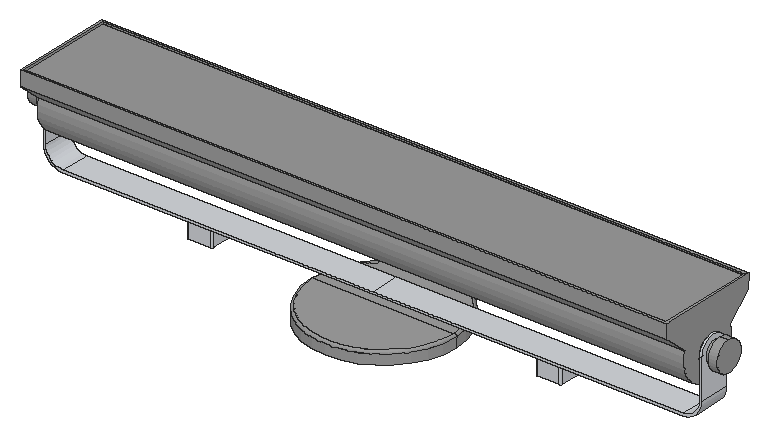
Revit family "Alcon-13126-20-SM-Revit-Family", category Generic Models, host Face, Revit 2025
Family settings
  Host = Face
  Can host rebar = No
  Round Connector Dimension = Use Diameter
  Part Type = Normal
  Cut with Voids When Loaded = No
  Maintain Annotation Orientation = No
  Shared = No
  Room Calculation Point = No
Parameters
  URL = "https://www.alconlighting.com/?srsltid=AfmBOooDPhGQ0dEP-X2PMtxFfvvWpIAEL4jCll_O2F4_to5onvhnBomy"
  Product Page URL = "https://www.alconlighting.com/13126-26.html"
  Model = "13126-26"
  Manufacturer = "ALCON Lighter"
  Housing = Default
  Fixture Rotation = 90.00°
  Default Elevation = 4' - 0"
Reference planes (in)
  plane 1 "Center (Front/Back)": y = 0
  plane 2: z = 0
  plane 3 "Center (Left/Right)": x = 0
  plane 4: z = 2.21166
Forms (in)
  Extrusion 1, solid
    sketch origin (0, 0.03835, 2.57435) x (1, 0, 0) y (0, 0, -1)
      loop
        line (0, 1.64916) -> (9.1288, 1.64916)
        arc (9.1288, 1.64916) -> (9.48235, 1.50272) -> (9.6288, 1.14916) r 0.5
        line (9.6288, 1.14916) -> (9.6288, -0.50555) -> (9.6913, -0.50555) -> (9.6913, 1.14824)
        arc (9.6913, 1.14824) -> (9.52627, 1.54664) -> (9.12787, 1.71166) r 0.56342
        line (9.12787, 1.71166) -> (0, 1.71166) -> (-9.10341, 1.71166)
        arc (-9.10341, 1.71166) -> (-9.50181, 1.54664) -> (-9.66683, 1.14824) r 0.56342
        line (-9.66683, 1.14824) -> (-9.66683, -0.50546) -> (-9.60433, -0.50546) -> (-9.60433, 1.14916)
        arc (-9.60433, 1.14916) -> (-9.45788, 1.50272) -> (-9.10433, 1.64916) r 0.5
        line (-9.10433, 1.64916) -> (0, 1.64916)
    from -0.47585 to 0.39915
  Extrusion 2, solid
    sketch origin (5.125, 0, 0.86269) x (-1, 0, 0) y (0, 1, 0)
      loop
        arc (-0.375, -0.3125) -> (-0.35669, -0.35669) -> (-0.3125, -0.375) r 0.0625
        line (-0.3125, -0.375) -> (0.3125, -0.375)
        arc (0.3125, -0.375) -> (0.35669, -0.35669) -> (0.375, -0.3125) r 0.0625
        line (0.375, -0.3125) -> (0.375, 0.3125)
        arc (0.375, 0.3125) -> (0.35669, 0.35669) -> (0.3125, 0.375) r 0.0625
        line (0.3125, 0.375) -> (-0.3125, 0.375)
        arc (-0.3125, 0.375) -> (-0.35669, 0.35669) -> (-0.375, 0.3125) r 0.0625
        line (-0.375, 0.3125) -> (-0.375, -0.3125)
    from 0 to 0.5
  Extrusion 3, void
    sketch origin (0, 0, 0.36269) x (0, -1, 0) y (0, 0, 1)
      loop
        arc (-0.4375, 2.21166) -> (0, 2.64916) -> (0.4375, 2.21166) r 0.4375
        line (0.4375, 2.21166) -> (0.4375, 0.3496) -> (0.5625, 0.3496) -> (0.5625, 2.77416) -> (-0.5625, 2.77416) -> (-0.5625, 0.3496) -> (-0.4375, 0.3496) -> (-0.4375, 2.21166)
    from -13.50258 to 13.66502
  Extrusion 4, solid
    sketch origin (-5.125, 0, 0.86269) x (-1, 0, 0) y (0, 1, 0)
      loop
        arc (-0.375, -0.3125) -> (-0.35669, -0.35669) -> (-0.3125, -0.375) r 0.0625
        line (-0.3125, -0.375) -> (0.3125, -0.375)
        arc (0.3125, -0.375) -> (0.35669, -0.35669) -> (0.375, -0.3125) r 0.0625
        line (0.375, -0.3125) -> (0.375, 0.3125)
        arc (0.375, 0.3125) -> (0.35669, 0.35669) -> (0.3125, 0.375) r 0.0625
        line (0.3125, 0.375) -> (-0.3125, 0.375)
        arc (-0.3125, 0.375) -> (-0.35669, 0.35669) -> (-0.375, 0.3125) r 0.0625
        line (-0.375, 0.3125) -> (-0.375, -0.3125)
    from 0 to 0.5
  Revolve 5, solid, material "Default" <- "Housing"
    sketch origin (0, -0.02275, 0) x (1, 0, 0) y (0, 0, 1)
      loop
        line (0, 0) -> (2.14067, 0) -> (2.14067, 0.29309)
        arc (2.14067, 0.29309) -> (2.11968, 0.34376) -> (2.069, 0.36475) r 0.07166
        line (2.069, 0.36475) -> (0, 0.36475) -> (0, 0)
      axis (0, 0) -> (0, 0.36475)
    angle from 0 to 360
Cuts and joins
  Extrusion 3 cuts Extrusion 1
Lines and regions (in)
  model lines
    curve 1: line (-151.5, 0, -3.25) -> (-151.5, 0, -9)
Dimensions and locks (in)
  "Fixture Rotation": angle nested 1 to plane 4
  aligned and locked: plane 2 to host face
  aligned and locked: level to host face
Automatic sketch dimensions
  curve 1 to level = 0' - 9"
  curve 1 to plane 3 "Center (Left/Right)" = 12' - 7 1/2"
  curve 1 to level = 0' - 3 1/4"
  host sketch curve to host sketch curve = 8' - 0"  (x2)
  Extrusion 1 sketch curve to plane 3 "Center (Left/Right)" = 0' - 0"  (x2)
  level to Extrusion 1 sketch curve = 0' - 0.86269"
  Extrusion 1 sketch curve to plane 3 "Center (Left/Right)" = 0' - 9.10341"
  Extrusion 1 sketch curve to Extrusion 1 sketch curve = 0' - 0.00092"  (x3)
  Extrusion 1 sketch curve to Extrusion 1 sketch curve = 0' - 0 1/2"
  Extrusion 1 sketch curve to Extrusion 1 sketch curve = 0' - 0 1/16"  (x2)
  level to Extrusion 1 sketch curve = 0' - 1.42611"
  plane 3 "Center (Left/Right)" to Extrusion 1 sketch curve = 0' - 9.12787"
  Extrusion 1 sketch curve to plane 4 = 0' - 0.86815"
  Extrusion 1 sketch curve to plane 4 = 0' - 0.86824"
  plane 1 "Center (Front/Back)" to Extrusion 2 sketch curve = 0' - 0 5/16"
  plane 3 "Center (Left/Right)" to Extrusion 2 sketch curve = 0' - 5 1/2"
  Extrusion 2 sketch curve to Extrusion 2 sketch curve = 0' - 0 1/16"  (x3)
  Extrusion 2 sketch curve to plane 1 "Center (Front/Back)" = 0' - 0 5/16"
  Extrusion 2 sketch curve to Extrusion 2 sketch curve = 0' - 0 5/8"  (x2)
  Extrusion 3 sketch curve to plane 4 = 0' - 0.36269"
  Extrusion 3 sketch curve to plane 1 "Center (Front/Back)" = 0' - 0"
  Extrusion 3 sketch curve to plane 1 "Center (Front/Back)" = 0' - 0 7/16"
  Extrusion 3 sketch curve to Extrusion 3 sketch curve = 0' - 0 1/8"
  plane 1 "Center (Front/Back)" to Extrusion 3 sketch curve = 0' - 0 9/16"
  level to Extrusion 3 sketch curve = 0' - 0.71228"  (x2)
  Extrusion 3 sketch curve to plane 4 = 0' - 0.92519"
  plane 1 "Center (Front/Back)" to Extrusion 4 sketch curve = 0' - 0 5/16"
  Extrusion 4 sketch curve to plane 3 "Center (Left/Right)" = 0' - 4 3/4"
  Extrusion 4 sketch curve to Extrusion 4 sketch curve = 0' - 0 1/16"  (x3)
  Extrusion 4 sketch curve to plane 1 "Center (Front/Back)" = 0' - 0 5/16"
  Extrusion 4 sketch curve to Extrusion 4 sketch curve = 0' - 0 5/8"  (x2)
  Revolve 5 sketch curve to level = 0' - 0"  (x2)
  Revolve 5 sketch curve to plane 3 "Center (Left/Right)" = 0' - 0"  (x2)
  level to Revolve 5 sketch curve = 0' - 0.29309"
  plane 3 "Center (Left/Right)" to Revolve 5 sketch curve = 0' - 2.069"
  Revolve 5 sketch curve to Revolve 5 sketch curve = 0' - 0.07166"
  plane 4 to Revolve 5 sketch curve = 0' - 0.21166"
Nested families (in)
  nested 1: "Alcon - 13126-20 Box_" at (0, 0, 2.57435) x (0, 0, -1) z (1, 0, 0), type "Alcon - 13126-20 Box_"
    with built-in parameter 1001306 0.69472 (stored number, unit not read)
Definition of nested family "Alcon - 13126-20 Box_"
  Parameters (values of type "Alcon - 13126-20 Box_")
    Wattage = 9.2903 W
    built-in parameter 1150110 = 1 (stored number, unit not read)
    built-in parameter 1114217 = 1 (stored number, unit not read)
    Tilt Angle = 60.00°
    built-in parameter 1150109 = 1 (stored number, unit not read)
    built-in parameter 1150134 = 3
    built-in parameter 1150113 = 1 (stored number, unit not read)
    built-in parameter 1010507 = 1.5708 (stored number, unit not read)
    built-in parameter 1010506 = 0.5236 (stored number, unit not read)
    built-in parameter 1150105 = 4614.1 (stored number, unit not read)
    Lumens = 1380 lm
    built-in parameter 1150115 = 1 (stored number, unit not read)
    Light Source Symbol Length = 10' - 0"
    built-in parameter 1150137 = (empty or 0)
    built-in parameter 1150139 = (empty or 0)
    built-in parameter 1001306 [instance] = 4' - 0"
    built-in parameter 1150112 = 1 (stored number, unit not read)
    built-in parameter 1150114 = 1 (stored number, unit not read)
    built-in parameter 1150132 = (empty or 0)
    built-in parameter 1150102 = (empty or 0)
    built-in parameter 1150107 = 3200 (stored number, unit not read)
    built-in parameter 1150138 = (empty or 0)
    built-in parameter 1150106 = 46.141 (stored number, unit not read)
    Glass Frosted = none
    built-in parameter 1150104 = 13.8 (stored number, unit not read)
    Dimming Lamp Color Temperature Shift = (empty or 0)
    Default Elevation = 0' - 0"
    Color Filter = 16777215
    Body = none
    built-in parameter 1114218 = 1 (stored number, unit not read)
    built-in parameter 1150133 = 10 (stored number, unit not read)
  Reference planes (in)
    plane 1 "Center (Front/Back)": y = 0
    plane 2: z = 0
    plane 3 "Left": x = 0
    plane 4 "Right": x = 48
  Forms (in)
    Extrusion 1, solid, material <- "Body"
      sketch origin (0, -0.82692, 2.54268) x (0, -1, 0) y (1, 0, 0)
        loop
          line (0.67308, -1.3125) -> (0.67308, -0.875) -> (0, -0.28606)
          arc (0, -0.28606) -> (-0.82692, 0.875) -> (-1.65384, -0.28606) r 0.875
          line (-1.65384, -0.28606) -> (-2.32692, -0.875) -> (-2.32692, -1.3125) -> (0.67308, -1.3125)
      from -12.04268 to 6.95732
    Extrusion 2, void
      sketch origin (0, 0, 0) x (1, 0, 0) y (0, 1, 0)
        loop
          line (-1.375, 1.4375) -> (-1.375, -1.4375) -> (-0.90336, -1.4375) -> (-0.30463, -0.75323) -> (-0.30463, 0.75323) -> (-0.90336, 1.4375) -> (-1.375, 1.4375)
      from -9.4375 to 9.4375
    Extrusion 3, solid, material <- "Glass Frosted"
      sketch origin (0, 0, 0) x (0, 1, 0) y (0, 0, 1)
        loop
          line (1.4375, 9.4375) -> (-1.4375, 9.4375) -> (-1.4375, -9.4375) -> (1.4375, -9.4375) -> (1.4375, 9.4375)
      from -1.26766 to -1.2223
    Extrusion 4, solid, material <- "Body"
      sketch origin (0, 0, 0) x (1, 0, 0) y (0, 1, 0)
        loop
          circle (0, 0) r 0.4375
      from -10.125 to 10.125
    Extrusion 5, void
      sketch origin (0, 0, 0) x (1, 0, 0) y (0, 1, 0)
        loop
          circle (0, 0) r 0.4375
        loop
          circle (0, 0) r 0.3125
      from -9.875 to 9.875
  Cuts and joins
    Extrusion 2 cuts Extrusion 1
    Extrusion 5 cuts Extrusion 4
  Lines and regions (in)
    reference lines
      curve 1: line (0, 0, 0) -> (48, 0, 0)
    model lines
      curve 2: line (0, 0, 0) -> (-13.25, 0, 0)
      curve 3: line (0, 0, 0) -> (-13.25, 0, 0)
      curve 4: line (0, 0, 0) -> (-13.25, 0, 0)
  Dimensions and locks (in)
    "built-in parameter 1001306": plane 3 "Left" to plane 4 "Right"
    cut or joined group of Extrusion 1, Extrusion 2 to Extrusion 3 = 1' - 6 15/16"
    aligned and locked: plane 4 "Right" to curve 1
    aligned and locked: plane 1 "Center (Front/Back)" to curve 1
    aligned and locked: plane 3 "Left" to curve 1
    aligned and locked: level to plane 2
  Automatic sketch dimensions
    Extrusion 1 sketch curve to Extrusion 1 sketch curve = 0' - 0.67308"  (x2)
    Extrusion 1 sketch curve to Extrusion 1 sketch curve = 0' - 0.82692"
    Extrusion 1 sketch curve to Extrusion 1 sketch curve = 0' - 0 7/16"
    plane 1 "Center (Front/Back)" to Extrusion 1 sketch curve = 0' - 0"
    Extrusion 1 sketch curve to plane 3 "Left" = 0' - 0"
    Extrusion 1 sketch curve to plane 3 "Left" = 0' - 0.28606"
    plane 1 "Center (Front/Back)" to Extrusion 1 sketch curve = 0' - 0.82692"
    Extrusion 1 sketch curve to plane 3 "Left" = 0' - 0 7/8"  (x2)
    Extrusion 2 sketch curve to plane 3 "Left" = 0' - 0.30463"
    Extrusion 2 sketch curve to plane 3 "Left" = 0' - 0.90336"  (x2)
    Extrusion 2 sketch curve to Extrusion 2 sketch curve = 0' - 0.47164"
    plane 1 "Center (Front/Back)" to Extrusion 2 sketch curve = 0' - 0.75323"
    Extrusion 2 sketch curve to Extrusion 2 sketch curve = 0' - 0.68427"  (x2)
    Extrusion 2 sketch curve to plane 1 "Center (Front/Back)" = 0' - 0.75323"
    Extrusion 3 sketch curve to plane 1 "Center (Front/Back)" = 0' - 1 7/16"
    level to Extrusion 3 sketch curve = 0' - 9 7/16"
    plane 1 "Center (Front/Back)" to Extrusion 3 sketch curve = 0' - 1 7/16"
    Extrusion 3 sketch curve to level = 0' - 9 7/16"
    plane 1 "Center (Front/Back)" to curve 2 = 0' - 0"
    curve 2 to plane 3 "Left" = 0' - 0"
    curve 2 to curve 2 = 1' - 1 1/4"
    plane 1 "Center (Front/Back)" to Extrusion 4 sketch curve = 0' - 0"
    Extrusion 4 sketch curve to plane 3 "Left" = 0' - 0"
    curve 3 to plane 3 "Left" = 0' - 0"
    plane 1 "Center (Front/Back)" to Extrusion 5 sketch curve = 0' - 0"
    Extrusion 5 sketch curve to plane 3 "Left" = 0' - 0"
    Extrusion 5 sketch curve to Extrusion 5 sketch curve = 0' - 0 7/16"
    Extrusion 5 sketch curve to Extrusion 5 sketch curve = 0' - 0"  (x2)
    Extrusion 5 sketch curve to Extrusion 5 sketch curve = 0' - 0 1/8"
    plane 1 "Center (Front/Back)" to curve 3 = 0' - 0"
    curve 3 to curve 2 = 0' - 0"
    curve 4 to plane 3 "Left" = 0' - 0"
    plane 1 "Center (Front/Back)" to curve 4 = 0' - 0"
    curve 4 to curve 3 = 0' - 0"
    radius of Extrusion 4 sketch curve = 0' - 0 7/16"
